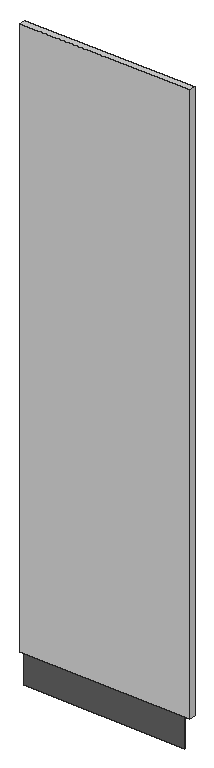
Revit family "Cabinet_Accessories-Danver-Tall_Side_Panel", category Casework, Revit 2026
Family settings
  Work Plane-Based = No
  Always vertical = Yes
  Cut with Voids When Loaded = No
  Shared = No
  Room Calculation Point = No
Parameters (values of type "24 Inch Width - 84 Inch Height")
  Version = "2019 - V1.0B"  # constant formula
  URL = "www.danver.com"
  Toe Kick Visibility [instance] = yes
  Toe Kick Material = Metal - Danver - Toe Kick
  Toe Kick Length = Base Cab Depth - Threshold Offset  # 1' - 10 3/4"
  Threshold Offset = 0' - 1 1/4"
  Support Phone = "(224) 699-9545"  # constant formula
  Support Email = "mailto:support@bimsmith.com"
  Product Page URL = "https://danver.com/cabinetry/specialty-cabinets/"
  Product Documentation Link = "https://danver.com/wp-content/uploads/2021/10/11-2021-Product_Specifications-1.pdf"
  Panel Width = 2' - 0"
  Panel Thickness = 0' - 0 3/4"
  Panel Height = 6' - 7 1/2"
  Model = "OFET 2484"
  Manufacturer Email = "https://danver.com/contact-us/"
  Manufacturer Address = "One Grand Street, Wallingford, CT 06492"  # constant formula
  Manufacturer = "Danver Outdoor Kitchens"  # constant formula
  Panel Material = Metal - Danver - Stainless Steel
  Keynote = "12 35 28"
  Handle Material = Metal - Danver - Chrome Plated Steel
  Door Style = Door : Hampton
  Door Material [instance] = Metal - Danver - Stainless Steel
  Description = "24\"x84\" Tall Side Panel"
  Default Elevation = 0' - 0"
  Copyright = "©2021 Danver Outdoor Kitchens"  # constant formula
  Construction Type = "Type 304 Stainless Steel"  # constant formula
  Base Cab Depth = 2' - 0"
Types (6): name | Panel Width | Panel Height | Model | Description
  24.88 Inch Width - 84 Inch Height | 2' - 0.88" | 6' - 7 1/2" | "OSPT 2484" | "24.88\"x84\" Tall Side Panel"
  24 Inch Width - 84 Inch Height | 2' - 0" | 6' - 7 1/2" | "OFET 2484" | "24\"x84\" Tall Side Panel"
  24.88 Inch Width - 90 Inch Height | 2' - 0.88" | 7' - 1 1/2" | "OSPT 2490" | "24.88\"x90\" Tall Side Panel"
  24 Inch Width - 90 Inch Height | 2' - 0" | 7' - 1 1/2" | "OFET 2490" | "24\"x90\" Tall Side Panel"
  24.88 Inch Width - 96 Inch Height | 2' - 0.88" | 7' - 7 1/2" | "OSPT 2496" | "24.88\"x96\" Tall Side Panel"
  24 Inch Width - 96 Inch Height | 2' - 0" | 7' - 7 1/2" | "OFET 2496" | "24\"x96\" Tall Side Panel"
Reference planes (in)
  plane 1 "Center (Front/Back)": y = 0
  plane 2: z = 0
  plane 3 "Center (Left/Right)": x = 0
  plane 4: x = 24
  plane 5: y = -0.75
  plane 6: z = 4.5
  plane 7: z = 84
  plane 8: x = 24
  plane 9: x = 22.75
Dimensions and locks (in)
  "Panel Thickness": plane 5 to plane 1 "Center (Front/Back)"
  "Panel Height": plane 7 to plane 6
  "Panel Width": plane 3 "Center (Left/Right)" to plane 4
  "Base Cab Depth": plane 3 "Center (Left/Right)" to plane 8
  "Threshold Offset": plane 9 to plane 8
  "Toe Kick Length": plane 3 "Center (Left/Right)" to plane 9
  locked: plane 6 to level at 4.5
  aligned and locked: plane 2 to level
  aligned and locked: plane 3 "Center (Left/Right)" to nested 1
  aligned and locked: nested 1 to plane 1 "Center (Front/Back)"
  aligned and locked: nested 1 to plane 2
  aligned and locked: nested 2 to plane 3 "Center (Left/Right)"
  aligned and locked: plane 4 to nested 2
  aligned and locked: plane 5 to nested 2
  aligned and locked: plane 6 to nested 2
  aligned and locked: plane 7 to nested 2
Nested families (in)
  nested 1: "Toe Kick Left" at (0, -0.125, 0) x (0, 1, 0) z (0, 0, 1), Toe Kick Length <- "Toe Kick Length", Toe Kick Material <- "Toe Kick Material", visible <- "Toe Kick Visibility", type "Toe Kick Left"
    with Toe Kick Material Metal - Danver - Toe Kick, Toe Kick Length 1' - 10 3/4"
  nested 2: "Door" at (12, 0.125, -16.44932), Door Material <- "Door Material", Door Panel Material <- "Panel Material", Handle Material <- "Handle Material", type <- "Door Style", type "Hampton"
    with Number of Louver Slats 40, Number of Beadboard Slats 13, Insert Panel Width 1' - 6 5/8", Insert Panel Height 6' - 2 1/8", Handle Material Metal - Danver - Chrome Plated Steel, Door Width 2' - 0", Door Panel Material Metal - Danver - Stainless Steel, Door Material Metal - Danver - Stainless Steel, Door Height 6' - 7 1/2"
Definition of nested family "Toe Kick Left"
  Parameters (values of type "Toe Kick Left")
    Toe Kick Material [instance] = none
    Toe Kick Length [instance] = 1' - 3.37294"
    Default Elevation = 0' - 0"
  Reference planes (in)
    plane 1 "Center (Front/Back)": y = 0
    plane 2: z = 0
    plane 3 "Center (Left/Right)": x = 0
    plane 4: y = -15.37294
  Forms (in)
    Extrusion 1, solid, material <- "Toe Kick Material"
      sketch origin (0, 0, 0) x (1, 0, 0) y (0, 0, 1)
        loop
          line (0, 0) -> (0.125, 0) -> (0.125, 4.5) -> (0, 4.5) -> (0, 0)
      from 0 to 15.37294
  Dimensions and locks (in)
    locked: Extrusion 1 sketch curve to level at 4.5
    locked: Extrusion 1 sketch curve to plane 3 "Center (Left/Right)" at 0.125
    "Toe Kick Length": plane 1 "Center (Front/Back)" to plane 4
    Extrusion 1 to level = 0' - 4 1/2"
    aligned and locked: plane 2 to level
    aligned and locked: Extrusion 1 to plane 1 "Center (Front/Back)"
    aligned and locked: plane 4 to Extrusion 1
  Automatic sketch dimensions
    Extrusion 1 sketch curve to plane 3 "Center (Left/Right)" = 0' - 0"
    Extrusion 1 sketch curve to level = 0' - 0"
Definition of nested family "Door"
  Parameters (values of type "Hampton")
    V_Venice = no
    V_Techno = no
    V_Rio = no
    V_Palm Beach = no
    V_PB-KW = if(or(V_Palm Beach, V_Keywest, V_Beadboard Insert, V_Louver Insert), 1 = 1, 1 = 0)  # no
    V_Louver Insert = no
    V_Keywest = no
    V_Handle = not(V_Techno)  # yes
    V_Hampton = yes
    V_Beadboard Insert = no
    Stile Width = if(V_Palm Beach, 0' 3 3/4", if(V_Rio, 0' 2 1/2", if(V_Venice, 0' 0 3/4", 0' 2 11/16")))  # 0' - 2 11/16"
    Door Panel Material [instance] = none
    Number of Louver Slats [instance] = roundup((Insert Panel Height) / 0' 1 225/256")  # 17
    Number of Beadboard Slats [instance] = roundup((Insert Panel Width) / 0' 1 1/2")  # 13
    Model = if(V_Beadboard Insert, "Keywest Beadboard", if(V_Louver Insert, "Keywest Louver", if(V_Hampton, "Hampton", if(V_Venice, "Venice", if(V_Techno, "Techno", if(V_Rio, "Rio", if(Door Panel Inset = 0' 0 1/2", "Keywest", "Yikes")))))))  # "Hampton"
    Insert Panel Width [instance] = Door Width - 0' 5 3/8"  # 1' - 6 5/8"
    Insert Panel Height [instance] = Door Height - 0' 5 3/8"  # 2' - 6 5/8"
    Handle Offset = if(V_Hampton, 0' 2 3/16", if(V_Venice, 0' 2", 0' 1 11/32"))  # 0' - 2 3/16"
    Handle Material [instance] = none
    Handle Drop = if(V_Hampton, 0' 1 11/32", if(V_Venice, 0' 2 47/64", 0' 2 49/64"))  # 0' - 1 11/32"
    Door Width [instance] = 2' - 0"
    Door Thickness = if(V_Venice, 0' 0 15/16", 0' 0 7/8")  # 0' - 0 7/8"
    Door Panel Inset = if(or(V_Louver Insert, V_Beadboard Insert), 0' 0 5/8", if(V_Venice, 0' 0 1/16", 0' 0 1/2"))  # 0' - 0 1/2"
    Door Material [instance] = none
    Door Height [instance] = 3' - 0"
    Analytic Construction = "<None>"
  Types (8): name | V_Venice | V_Techno | V_Rio | V_Palm Beach | V_PB-KW | V_Louver Insert | V_Keywest | V_Handle | V_Hampton | V_Beadboard Insert | Stile Width | Model | Handle Offset | Handle Drop | Door Thickness | Door Panel Inset
    Hampton | no | no | no | no | no | no | no | yes | yes | no | 0' - 2 11/16" | "Hampton" | 0' - 2 3/16" | 0' - 1 11/32" | 0' - 0 7/8" | 0' - 0 1/2"
    Keywest | no | no | no | no | yes | no | yes | yes | no | no | 0' - 2 11/16" | "Keywest" | 0' - 1 11/32" | 0' - 2 49/64" | 0' - 0 7/8" | 0' - 0 1/2"
    Keywest Beadboard | no | no | no | no | yes | no | yes | yes | no | yes | 0' - 2 11/16" | "Keywest Beadboard" | 0' - 1 11/32" | 0' - 2 49/64" | 0' - 0 7/8" | 0' - 0 5/8"
    Keywest Louver | no | no | no | no | yes | yes | yes | yes | no | no | 0' - 2 11/16" | "Keywest Louver" | 0' - 1 11/32" | 0' - 2 49/64" | 0' - 0 7/8" | 0' - 0 5/8"
    Palm Beach | no | no | no | yes | yes | no | no | yes | no | no | 0' - 3 3/4" | "Keywest" | 0' - 1 11/32" | 0' - 2 49/64" | 0' - 0 7/8" | 0' - 0 1/2"
    Rio | no | no | yes | no | no | no | no | yes | no | no | 0' - 2 1/2" | "Rio" | 0' - 1 11/32" | 0' - 2 49/64" | 0' - 0 7/8" | 0' - 0 1/2"
    Venice | yes | no | no | no | no | no | no | yes | no | no | 0' - 0 3/4" | "Venice" | 0' - 2" | 0' - 2 47/64" | 0' - 0 15/16" | 0' - 0 1/16"
    Techno | no | yes | no | no | no | no | no | no | no | no | 0' - 2 11/16" | "Techno" | 0' - 1 11/32" | 0' - 2 49/64" | 0' - 0 7/8" | 0' - 0 1/2"
  Reference planes (in)
    plane 1 "Center (Front/Back)": y = 0
    plane 2: z = 0
    plane 3 "Center (Left/Right)": x = 0
    plane 4: x = 12
    plane 5: x = -12
    plane 6: y = -0.875
    plane 7: z = 20.94932
    plane 8: z = 56.94932
    plane 9: z = 55.60557
    plane 10: x = 9.8125
    plane 11: x = -9.3125
    plane 12: z = 54.26182
    plane 13: z = 23.63682
    plane 14: x = 9.3125
    plane 15: y = -0.375
  Forms (in)
    Extrusion 1, solid, material <- "Door Panel Material", visible <- "V_PB-KW"
      sketch origin (0, 0, 0) x (1, 0, 0) y (0, 0, 1)
        loop
          line (-9.3125, 54.26182) -> (-9.3125, 23.63682) -> (9.3125, 23.63682) -> (9.3125, 54.26182) -> (-9.3125, 54.26182)
      from 0 to 0.375
    Sweep 2, solid, material <- "Door Material", visible <- "V_PB-KW"
      path origin (0, 0, 0) x (1, 0, 0) y (0, 0, 1)
        loop
          line (-12, 20.94932) -> (-12, 56.94932)
      profile origin (-12, 0, 38.94932) x (-1, 0, 0) y (0, -1, 0)
        loop
          line (0, 0) -> (0, 0.83984)
          arc (0, 0.83984) -> (-0.0103, 0.8647) -> (-0.03516, 0.875) r 0.03516
          line (-0.03516, 0.875) -> (-2.65234, 0.875)
          arc (-2.65234, 0.875) -> (-2.6772, 0.8647) -> (-2.6875, 0.83984) r 0.03516
          line (-2.6875, 0.83984) -> (-2.6875, 0) -> (0, 0)
        loop
          line (-24, 0) -> (-21.3125, 0) -> (-21.3125, 0.83984)
          arc (-21.3125, 0.83984) -> (-21.3228, 0.8647) -> (-21.34766, 0.875) r 0.03516
          line (-21.34766, 0.875) -> (-23.96484, 0.875)
          arc (-23.96484, 0.875) -> (-23.9897, 0.8647) -> (-24, 0.83984) r 0.03516
          line (-24, 0.83984) -> (-24, 0)
    Sweep 3, solid, material <- "Door Material", visible <- "V_PB-KW"
      path origin (0, 0, 0) x (1, 0, 0) y (0, 0, 1)
        loop
          line (-9.3125, 56.94932) -> (9.3125, 56.94932)
      profile origin (0, 0, 56.94932) x (0, 0, 1) y (0, -1, 0)
        loop
          line (0, 0) -> (0, 0.83984)
          arc (0, 0.83984) -> (-0.0103, 0.8647) -> (-0.03516, 0.875) r 0.03516
          line (-0.03516, 0.875) -> (-2.65234, 0.875)
          arc (-2.65234, 0.875) -> (-2.6772, 0.8647) -> (-2.6875, 0.83984) r 0.03516
          line (-2.6875, 0.83984) -> (-2.6875, 0) -> (0, 0)
        loop
          line (-36, 0) -> (-33.3125, 0) -> (-33.3125, 0.83984)
          arc (-33.3125, 0.83984) -> (-33.3228, 0.8647) -> (-33.34766, 0.875) r 0.03516
          line (-33.34766, 0.875) -> (-35.96484, 0.875)
          arc (-35.96484, 0.875) -> (-35.9897, 0.8647) -> (-36, 0.83984) r 0.03516
          line (-36, 0.83984) -> (-36, 0)
    Extrusion 4, solid, material <- "Door Material", visible <- "V_Techno"
      sketch origin (45.83357, 0, 12) x (0, 1, 0) y (0, 0, 1)
        loop
          line (-0.875, 44.94932) -> (-0.875, 44.57432) -> (-0.8125, 44.57432) -> (-0.8125, 44.88682) -> (-0.0625, 44.88682) -> (-0.0625, 43.82432) -> (-0.875, 43.82432) -> (-0.875, 8.94932) -> (0, 8.94932) -> (0, 44.94932) -> (-0.875, 44.94932)
      from -57.83357 to -33.83357
    Extrusion 5, solid, material <- "Door Material", visible <- "V_Rio"
      sketch origin (35.68973, 0, 0) x (1, 0, 0) y (0, 0, 1)
        loop
          line (-47.68973, 20.94932) -> (-23.68973, 20.94932) -> (-23.68973, 56.94932) -> (-47.68973, 56.94932) -> (-47.68973, 20.94932)
        loop
          line (-45.00223, 54.26182) -> (-45.00223, 23.63682) -> (-26.37723, 23.63682) -> (-26.37723, 54.26182) -> (-45.00223, 54.26182)
      from 0 to 0.875 <- "Door Thickness"
    Extrusion 6, solid, material <- "Door Panel Material", visible <- "V_Rio"
      sketch origin (0, 0, 0) x (1, 0, 0) y (0, 0, 1)
        loop
          line (-9.3125, 54.26182) -> (-9.3125, 23.63682) -> (9.3125, 23.63682) -> (9.3125, 54.26182) -> (-9.3125, 54.26182)
      from 0 to 0.5 <- "Door Panel Inset"
    Extrusion 7, solid, material <- "Door Material", visible <- "V_Hampton"
      sketch origin (-9.3125, -180, 96) x (0, 0, 1) y (0, -1, 0)
        loop
          line (-39.05068, -180) -> (-39.05068, -179.125) -> (-75.05068, -179.125) -> (-75.05068, -180) -> (-39.05068, -180)
      from -2.6875 to 21.3125
    Extrusion 8, solid, material <- "Door Material", visible <- "V_Venice"
      sketch origin (0, 0, 0) x (1, 0, 0) y (0, 0, 1)
        loop
          line (-12, 56.94932) -> (-12, 20.94932) -> (12, 20.94932) -> (12, 56.94932) -> (-12, 56.94932)
        loop
          line (-9.3125, 54.26182) -> (-9.3125, 23.63682) -> (9.3125, 23.63682) -> (9.3125, 54.26182) -> (-9.3125, 54.26182)
      from 0 to 0.875
    Extrusion 9, solid, material <- "Door Panel Material", visible <- "V_Venice"
      sketch origin (-9.3125, -180, 96) x (0, 0, 1) y (0, -1, 0)
        loop
          line (-41.58459, -180) -> (-41.58459, -179.625) -> (-72.36318, -179.625) -> (-72.36318, -180) -> (-41.58459, -180)
      from 0 to 18.625
  Lines and regions (in)
    symbolic lines, detail levels medium+fine
      curve 1: line (12, 0, 56.94932) -> (-12, 0, 38.94932)
      curve 2: line (-12, 0, 38.94932) -> (12, 0, 20.94932)
  Dimensions and locks (in)
    "Door Thickness": plane 6 to plane 1 "Center (Front/Back)"
    "Door Width": plane 5 to plane 4
    equal spacing: plane 5, plane 3 "Center (Left/Right)", plane 4
    "Door Height": plane 8 to plane 7
    "Handle Drop": plane 8 to plane 9
    "Handle Offset": plane 4 to plane 10
    equal spacing: plane 8, curve 2, plane 7
    "Door Panel Inset": plane 15 to plane 6
    "Stile Width": plane 13 to plane 7
    "Stile Width": plane 8 to plane 12
    "Stile Width": plane 5 to plane 11
    "Stile Width": plane 4 to plane 14
    plane 14 to plane 11 = 1' - 6 5/8"
    equal spacing: group 1, group 2, group 3, group 4, group 5, group 6, group 7, group 8, group 9, group 10, group 11, group 12, group 13  (x2)
    equal spacing: group 13, group 12, group 11, group 10, group 9, group 8, group 7, group 6, group 5, group 4, group 3, group 2, group 1
    plane 15 to plane 6 = 0' - 0 1/2"
    equal spacing: group 14, group 15, group 16, group 17, group 18, group 19, group 20, group 21, group 22, group 23, group 24, group 25, group 26, group 27, group 28, group 29, group 30  (x2)
    equal spacing: group 30, group 29, group 28, group 27, group 26, group 25, group 24, group 23, group 22, group 21, group 20, group 19, group 18, group 17, group 16, group 15, group 14
    plane 8 to Extrusion 4 sketch curve to Extrusion 4 sketch curve = 0' - 0 1/16" locked, 0' - 1 1/16" locked
    locked: plane 1 "Center (Front/Back)" to Extrusion 4 sketch curve at 0.0625
    locked: Extrusion 4 sketch curve to plane 6 at 0.0625
    aligned and locked: plane 2 to level
    aligned and locked: plane 11 to Extrusion 1 sketch curve
    aligned and locked: Extrusion 1 sketch curve to plane 12
    aligned and locked: Extrusion 1 sketch curve to plane 14
    aligned and locked: plane 13 to Extrusion 1 sketch curve
    aligned and locked: Extrusion 1 to plane 1 "Center (Front/Back)"
    aligned and locked: Extrusion 1 to plane 15
    aligned and locked: plane 8 to Sweep 2
    aligned and locked: plane 7 to Sweep 2
    aligned and locked: plane 11 to Sweep 3 sketch curve
    aligned and locked: plane 14 to Sweep 3 sketch curve
    aligned and locked: Extrusion 1 to plane 13
    aligned and locked: plane 15 to nested 1
    aligned and locked: nested 1 to plane 13
    aligned and locked: plane 11 to nested 1
    aligned and locked: nested 2 to nested 1
    aligned and locked: plane 15 to nested 2
    aligned and locked: nested 14 to plane 15
    aligned and locked: nested 14 to plane 12
    aligned and locked: nested 15 to plane 15
    aligned and locked: nested 15 to nested 14
    aligned and locked: plane 11 to nested 14
    aligned and locked: plane 11 to nested 15
    aligned and locked: profile plane to Sweep 2 sketch curve  (x2)
    aligned and locked: Sweep 2 sketch curve to plane 11
    aligned and locked: plane 6 to Sweep 2 sketch curve
    aligned and locked: plane 8 to Sweep 2 sketch curve
    aligned and locked: Sweep 2 sketch curve to plane 5
    aligned and locked: plane 7 to Sweep 2 sketch curve
    aligned and locked: plane 4 to Sweep 2 sketch curve
    aligned and locked: Sweep 2 sketch curve to plane 14
    aligned and locked: Sweep 2 sketch curve to plane 1 "Center (Front/Back)"
    aligned and locked: Sweep 2 sketch curve to plane 6
    aligned and locked: Sweep 3 sketch curve to plane 8
    aligned and locked: plane 1 "Center (Front/Back)" to Sweep 3 sketch curve
    aligned and locked: plane 6 to Sweep 3 sketch curve
    aligned and locked: plane 12 to Sweep 3 sketch curve
    aligned and locked: Sweep 3 sketch curve to plane 7
    aligned and locked: plane 13 to Sweep 3 sketch curve
    aligned and locked: Sweep 3 sketch curve to plane 1 "Center (Front/Back)"
    aligned and locked: Sweep 3 sketch curve to plane 6
    aligned and locked: plane 8 to Extrusion 4 sketch curve
    aligned and locked: plane 6 to Extrusion 4 sketch curve
    aligned and locked: plane 1 "Center (Front/Back)" to Extrusion 4 sketch curve
    aligned and locked: plane 7 to Extrusion 4 sketch curve
    aligned and locked: plane 5 to Extrusion 4
    aligned and locked: plane 4 to Extrusion 4
    aligned and locked: plane 5 to Extrusion 5 sketch curve
    aligned and locked: plane 11 to Extrusion 5 sketch curve
    aligned and locked: Extrusion 5 sketch curve to plane 14
    aligned and locked: plane 4 to Extrusion 5 sketch curve
    aligned and locked: plane 8 to Extrusion 5 sketch curve
    aligned and locked: Extrusion 5 sketch curve to plane 12
    aligned and locked: Extrusion 5 sketch curve to plane 7
    aligned and locked: plane 13 to Extrusion 5 sketch curve
    aligned and locked: Extrusion 5 to plane 1 "Center (Front/Back)"
    aligned and locked: plane 11 to Extrusion 6 sketch curve
    aligned and locked: Extrusion 6 sketch curve to plane 12
    aligned and locked: Extrusion 6 sketch curve to plane 14
    aligned and locked: plane 13 to Extrusion 6 sketch curve
    aligned and locked: Extrusion 6 to plane 1 "Center (Front/Back)"
    aligned and locked: Extrusion 7 sketch curve to plane 8
    aligned and locked: plane 1 "Center (Front/Back)" to Extrusion 7 sketch curve
    aligned and locked: plane 6 to Extrusion 7 sketch curve
    aligned and locked: plane 7 to Extrusion 7 sketch curve
    aligned and locked: plane 4 to Extrusion 7
    aligned and locked: plane 5 to Extrusion 7
    aligned and locked: Extrusion 8 sketch curve to plane 8
    aligned and locked: Extrusion 8 sketch curve to plane 5
    aligned and locked: plane 11 to Extrusion 8 sketch curve
    aligned and locked: Extrusion 8 sketch curve to plane 12
    aligned and locked: Extrusion 8 sketch curve to plane 4
    aligned and locked: Extrusion 8 sketch curve to plane 14
    aligned and locked: plane 7 to Extrusion 8 sketch curve
    aligned and locked: plane 13 to Extrusion 8 sketch curve
    aligned and locked: Extrusion 8 to plane 1 "Center (Front/Back)"
    aligned and locked: Extrusion 8 to plane 6
    aligned and locked: plane 13 to Extrusion 9 sketch curve
    aligned and locked: plane 15 to Extrusion 9 sketch curve
    aligned and locked: plane 1 "Center (Front/Back)" to Extrusion 9 sketch curve
    aligned and locked: plane 14 to Extrusion 9
    aligned and locked: Extrusion 9 to plane 11
  Automatic sketch dimensions
    Sweep 3 sketch curve to plane 8 = 0' - 0"
    Extrusion 4 sketch curve to plane 6 = 0' - 0"
    Extrusion 4 sketch curve to Extrusion 4 sketch curve = 0' - 0 5/16"
    plane 5 to curve 1 = 0' - 0"
    curve 2 to plane 4 = 0' - 0"
    curve 1 to plane 4 = 0' - 0"
    curve 2 to plane 7 = 0' - 0"
    curve 1 to plane 8 = 0' - 0"
    Sweep 2 sketch curve to Sweep 2 sketch curve = 0' - 0 9/256"  (x3)
    profile plane to Sweep 2 sketch curve = 0' - 0 9/256"
    Sweep 3 sketch curve to Sweep 3 sketch curve = 0' - 0 9/256"  (x3)
    profile plane to Sweep 3 sketch curve = 0' - 0 9/256"
    plane 12 to Extrusion 9 sketch curve = 0' - 0.15359"
  Nested families (in)
    nested 1: "Beadboard Slat" at (-8.5625, -0.625, 23.63682), BeadboardSlat Height <- "Insert Panel Height", Beadboard Material <- "Door Panel Material", visible <- "V_Beadboard Insert", type "Beadboard Slat"
      with Slat Width 0' - 1 1/2", BeadboardSlat Width 0' - 1 1/2", BeadboardSlat Height 2' - 6 5/8", Beadboard Material none
    nested 2: "Beadboard Slat" at (-7.0625, -0.625, 23.63682), BeadboardSlat Height <- "Insert Panel Height", Beadboard Material <- "Door Panel Material", visible <- "V_Beadboard Insert", type "Beadboard Slat"
      with Slat Width 0' - 1 1/2", BeadboardSlat Width 0' - 1 1/2", BeadboardSlat Height 2' - 6 5/8", Beadboard Material none
    nested 3: "Beadboard Slat" at (-5.5625, -0.625, 23.63682), BeadboardSlat Height <- "Insert Panel Height", Beadboard Material <- "Door Panel Material", visible <- "V_Beadboard Insert", type "Beadboard Slat"
      with Slat Width 0' - 1 1/2", BeadboardSlat Width 0' - 1 1/2", BeadboardSlat Height 2' - 6 5/8", Beadboard Material none
    nested 4: "Beadboard Slat" at (-4.0625, -0.625, 23.63682), BeadboardSlat Height <- "Insert Panel Height", Beadboard Material <- "Door Panel Material", visible <- "V_Beadboard Insert", type "Beadboard Slat"
      with Slat Width 0' - 1 1/2", BeadboardSlat Width 0' - 1 1/2", BeadboardSlat Height 2' - 6 5/8", Beadboard Material none
    nested 5: "Beadboard Slat" at (-2.5625, -0.625, 23.63682), BeadboardSlat Height <- "Insert Panel Height", Beadboard Material <- "Door Panel Material", visible <- "V_Beadboard Insert", type "Beadboard Slat"
      with Slat Width 0' - 1 1/2", BeadboardSlat Width 0' - 1 1/2", BeadboardSlat Height 2' - 6 5/8", Beadboard Material none
    nested 6: "Beadboard Slat" at (-1.0625, -0.625, 23.63682), BeadboardSlat Height <- "Insert Panel Height", Beadboard Material <- "Door Panel Material", visible <- "V_Beadboard Insert", type "Beadboard Slat"
      with Slat Width 0' - 1 1/2", BeadboardSlat Width 0' - 1 1/2", BeadboardSlat Height 2' - 6 5/8", Beadboard Material none
    nested 7: "Beadboard Slat" at (0.4375, -0.625, 23.63682), BeadboardSlat Height <- "Insert Panel Height", Beadboard Material <- "Door Panel Material", visible <- "V_Beadboard Insert", type "Beadboard Slat"
      with Slat Width 0' - 1 1/2", BeadboardSlat Width 0' - 1 1/2", BeadboardSlat Height 2' - 6 5/8", Beadboard Material none
    nested 8: "Beadboard Slat" at (1.9375, -0.625, 23.63682), BeadboardSlat Height <- "Insert Panel Height", Beadboard Material <- "Door Panel Material", visible <- "V_Beadboard Insert", type "Beadboard Slat"
      with Slat Width 0' - 1 1/2", BeadboardSlat Width 0' - 1 1/2", BeadboardSlat Height 2' - 6 5/8", Beadboard Material none
    nested 9: "Beadboard Slat" at (3.4375, -0.625, 23.63682), BeadboardSlat Height <- "Insert Panel Height", Beadboard Material <- "Door Panel Material", visible <- "V_Beadboard Insert", type "Beadboard Slat"
      with Slat Width 0' - 1 1/2", BeadboardSlat Width 0' - 1 1/2", BeadboardSlat Height 2' - 6 5/8", Beadboard Material none
    nested 10: "Beadboard Slat" at (4.9375, -0.625, 23.63682), BeadboardSlat Height <- "Insert Panel Height", Beadboard Material <- "Door Panel Material", visible <- "V_Beadboard Insert", type "Beadboard Slat"
      with Slat Width 0' - 1 1/2", BeadboardSlat Width 0' - 1 1/2", BeadboardSlat Height 2' - 6 5/8", Beadboard Material none
    nested 11: "Beadboard Slat" at (6.4375, -0.625, 23.63682), BeadboardSlat Height <- "Insert Panel Height", Beadboard Material <- "Door Panel Material", visible <- "V_Beadboard Insert", type "Beadboard Slat"
      with Slat Width 0' - 1 1/2", BeadboardSlat Width 0' - 1 1/2", BeadboardSlat Height 2' - 6 5/8", Beadboard Material none
    nested 12: "Beadboard Slat" at (7.9375, -0.625, 23.63682), BeadboardSlat Height <- "Insert Panel Height", Beadboard Material <- "Door Panel Material", visible <- "V_Beadboard Insert", type "Beadboard Slat"
      with Slat Width 0' - 1 1/2", BeadboardSlat Width 0' - 1 1/2", BeadboardSlat Height 2' - 6 5/8", Beadboard Material none
    nested 13: "Beadboard Slat" at (9.4375, -0.625, 23.63682), BeadboardSlat Height <- "Insert Panel Height", Beadboard Material <- "Door Panel Material", visible <- "V_Beadboard Insert", type "Beadboard Slat"
      with Slat Width 0' - 1 1/2", BeadboardSlat Width 0' - 1 1/2", BeadboardSlat Height 2' - 6 5/8", Beadboard Material none
    nested 14: "Louver Slat" at (-9.3125, -0.625, 53.32237) x (0, 0, 1) z (1, 0, 0), LouverSlat Height <- "Insert Panel Width", visible <- "V_Louver Insert", Louver Material <- "Door Material", type "Louver Slat"
      with LouverSlat Width 0' - 1 225/256", LouverSlat Height 1' - 6 5/8", Louver Material none
    nested 15: "Louver Slat" at (-9.3125, -0.625, 51.44346) x (0, 0, 1) z (1, 0, 0), LouverSlat Height <- "Insert Panel Width", visible <- "V_Louver Insert", Louver Material <- "Door Material", type "Louver Slat"
      with LouverSlat Width 0' - 1 225/256", LouverSlat Height 1' - 6 5/8", Louver Material none
    nested 16: "Louver Slat" at (-9.3125, -0.625, 49.56455) x (0, 0, 1) z (1, 0, 0), LouverSlat Height <- "Insert Panel Width", visible <- "V_Louver Insert", Louver Material <- "Door Material", type "Louver Slat"
      with LouverSlat Width 0' - 1 225/256", LouverSlat Height 1' - 6 5/8", Louver Material none
    nested 17: "Louver Slat" at (-9.3125, -0.625, 47.68565) x (0, 0, 1) z (1, 0, 0), LouverSlat Height <- "Insert Panel Width", visible <- "V_Louver Insert", Louver Material <- "Door Material", type "Louver Slat"
      with LouverSlat Width 0' - 1 225/256", LouverSlat Height 1' - 6 5/8", Louver Material none
    nested 18: "Louver Slat" at (-9.3125, -0.625, 45.80674) x (0, 0, 1) z (1, 0, 0), LouverSlat Height <- "Insert Panel Width", visible <- "V_Louver Insert", Louver Material <- "Door Material", type "Louver Slat"
      with LouverSlat Width 0' - 1 225/256", LouverSlat Height 1' - 6 5/8", Louver Material none
    nested 19: "Louver Slat" at (-9.3125, -0.625, 43.92783) x (0, 0, 1) z (1, 0, 0), LouverSlat Height <- "Insert Panel Width", visible <- "V_Louver Insert", Louver Material <- "Door Material", type "Louver Slat"
      with LouverSlat Width 0' - 1 225/256", LouverSlat Height 1' - 6 5/8", Louver Material none
    nested 20: "Louver Slat" at (-9.3125, -0.625, 42.04893) x (0, 0, 1) z (1, 0, 0), LouverSlat Height <- "Insert Panel Width", visible <- "V_Louver Insert", Louver Material <- "Door Material", type "Louver Slat"
      with LouverSlat Width 0' - 1 225/256", LouverSlat Height 1' - 6 5/8", Louver Material none
    nested 21: "Louver Slat" at (-9.3125, -0.625, 40.17002) x (0, 0, 1) z (1, 0, 0), LouverSlat Height <- "Insert Panel Width", visible <- "V_Louver Insert", Louver Material <- "Door Material", type "Louver Slat"
      with LouverSlat Width 0' - 1 225/256", LouverSlat Height 1' - 6 5/8", Louver Material none
    nested 22: "Louver Slat" at (-9.3125, -0.625, 38.29112) x (0, 0, 1) z (1, 0, 0), LouverSlat Height <- "Insert Panel Width", visible <- "V_Louver Insert", Louver Material <- "Door Material", type "Louver Slat"
      with LouverSlat Width 0' - 1 225/256", LouverSlat Height 1' - 6 5/8", Louver Material none
    nested 23: "Louver Slat" at (-9.3125, -0.625, 36.41221) x (0, 0, 1) z (1, 0, 0), LouverSlat Height <- "Insert Panel Width", visible <- "V_Louver Insert", Louver Material <- "Door Material", type "Louver Slat"
      with LouverSlat Width 0' - 1 225/256", LouverSlat Height 1' - 6 5/8", Louver Material none
    nested 24: "Louver Slat" at (-9.3125, -0.625, 34.5333) x (0, 0, 1) z (1, 0, 0), LouverSlat Height <- "Insert Panel Width", visible <- "V_Louver Insert", Louver Material <- "Door Material", type "Louver Slat"
      with LouverSlat Width 0' - 1 225/256", LouverSlat Height 1' - 6 5/8", Louver Material none
    nested 25: "Louver Slat" at (-9.3125, -0.625, 32.6544) x (0, 0, 1) z (1, 0, 0), LouverSlat Height <- "Insert Panel Width", visible <- "V_Louver Insert", Louver Material <- "Door Material", type "Louver Slat"
      with LouverSlat Width 0' - 1 225/256", LouverSlat Height 1' - 6 5/8", Louver Material none
    nested 26: "Louver Slat" at (-9.3125, -0.625, 30.77549) x (0, 0, 1) z (1, 0, 0), LouverSlat Height <- "Insert Panel Width", visible <- "V_Louver Insert", Louver Material <- "Door Material", type "Louver Slat"
      with LouverSlat Width 0' - 1 225/256", LouverSlat Height 1' - 6 5/8", Louver Material none
    nested 27: "Louver Slat" at (-9.3125, -0.625, 28.89658) x (0, 0, 1) z (1, 0, 0), LouverSlat Height <- "Insert Panel Width", visible <- "V_Louver Insert", Louver Material <- "Door Material", type "Louver Slat"
      with LouverSlat Width 0' - 1 225/256", LouverSlat Height 1' - 6 5/8", Louver Material none
    nested 28: "Louver Slat" at (-9.3125, -0.625, 27.01768) x (0, 0, 1) z (1, 0, 0), LouverSlat Height <- "Insert Panel Width", visible <- "V_Louver Insert", Louver Material <- "Door Material", type "Louver Slat"
      with LouverSlat Width 0' - 1 225/256", LouverSlat Height 1' - 6 5/8", Louver Material none
    nested 29: "Louver Slat" at (-9.3125, -0.625, 25.13877) x (0, 0, 1) z (1, 0, 0), LouverSlat Height <- "Insert Panel Width", visible <- "V_Louver Insert", Louver Material <- "Door Material", type "Louver Slat"
      with LouverSlat Width 0' - 1 225/256", LouverSlat Height 1' - 6 5/8", Louver Material none
    nested 30: "Louver Slat" at (-9.3125, -0.625, 23.25987) x (0, 0, 1) z (1, 0, 0), LouverSlat Height <- "Insert Panel Width", visible <- "V_Louver Insert", Louver Material <- "Door Material", type "Louver Slat"
      with LouverSlat Width 0' - 1 225/256", LouverSlat Height 1' - 6 5/8", Louver Material none
  Definition of nested family "Beadboard Slat"
    Parameters (values of type "Beadboard Slat")
      Slat Width [instance] = 0' - 1 1/2"  # constant formula
      Default Elevation = 0' - 0"
      BeadboardSlat Width [instance] = 0' - 1 1/2"  # constant formula
      BeadboardSlat Height [instance] = 3' - 0"
      Beadboard Material [instance] = none
    Reference planes (in)
      plane 1 "Center (Front/Back)": y = 0
      plane 2: z = 0
      plane 3 "Center (Left/Right)": x = 0
      plane 4: x = -0.75
      plane 5: x = 0.75
      plane 6: z = 36
      plane 7: y = 0.25
    Forms (in)
      Extrusion 1, solid, material <- "Beadboard Material"
        sketch origin (0, 0, 0) x (1, 0, 0) y (0, 1, 0)
          loop
            line (-0.75, 0.25) -> (-0.75, 0.03125)
            arc (-0.75, 0.03125) -> (-0.74085, 0.00915) -> (-0.71875, 0) r 0.03125
            line (-0.71875, 0) -> (0.71875, 0)
            arc (0.71875, 0) -> (0.74085, 0.00915) -> (0.75, 0.03125) r 0.03125
            line (0.75, 0.03125) -> (0.75, 0.25) -> (-0.75, 0.25)
        from 0 to 36
    Dimensions and locks (in)
      equal spacing: plane 5, plane 3 "Center (Left/Right)", plane 4
      "BeadboardSlat Width": plane 5 to plane 4
      "BeadboardSlat Height": plane 6 to plane 2
      plane 1 "Center (Front/Back)" to plane 7 = 0' - 0 1/4"
      locked: plane 7 to plane 1 "Center (Front/Back)" at 0.25
      aligned and locked: plane 2 to level
      aligned and locked: plane 4 to Extrusion 1 sketch curve
      aligned and locked: Extrusion 1 sketch curve to plane 1 "Center (Front/Back)"
      aligned and locked: Extrusion 1 sketch curve to plane 5
      aligned and locked: plane 7 to Extrusion 1
      aligned and locked: Extrusion 1 to plane 4
      aligned and locked: plane 5 to Extrusion 1
      aligned and locked: plane 1 "Center (Front/Back)" to Extrusion 1
      aligned and locked: Extrusion 1 sketch curve to plane 7
      aligned and locked: plane 6 to Extrusion 1
      aligned and locked: Extrusion 1 to plane 2
    Automatic sketch dimensions
      Extrusion 1 sketch curve to plane 1 "Center (Front/Back)" = 0' - 0 1/32"
      Extrusion 1 sketch curve to plane 7 = 0' - 0 7/32"
  Definition of nested family "Louver Slat"
    Parameters (values of type "Louver Slat")
      LouverSlat Width [instance] = 0' - 1 225/256"  # constant formula
      LouverSlat Height [instance] = 3' - 0"
      Louver Material [instance] = none
      Default Elevation = 4' - 0"
    Reference planes (in)
      plane 1 "Center (Front/Back)": y = 0
      plane 2: z = 0
      plane 3 "Center (Left/Right)": x = 0
      plane 4: x = -0.93945
      plane 5: x = 0.93945
      plane 6: z = 36
      plane 7: y = 0.25
    Forms (in)
      Extrusion 1, solid, material <- "Louver Material"
        sketch origin (0, 0, 0) x (1, 0, 0) y (0, 1, 0)
          loop
            line (-0.93945, 0.25) -> (-0.93945, 0.06729)
            arc (-0.93945, 0.06729) -> (-0.91808, 0.02023) -> (-0.86858, 0.00536) r 0.0625
            line (-0.86858, 0.00536) -> (0.93945, 0.25) -> (-0.93945, 0.25)
        from 0 to 36
    Dimensions and locks (in)
      equal spacing: plane 5, plane 3 "Center (Left/Right)", plane 4
      "LouverSlat Width": plane 5 to plane 4
      "LouverSlat Height": plane 6 to plane 2
      plane 1 "Center (Front/Back)" to plane 7 = 0' - 0 1/4"
      locked: plane 7 to plane 1 "Center (Front/Back)" at 0.25
      aligned and locked: plane 2 to level
      aligned and locked: plane 4 to Extrusion 1 sketch curve
      aligned and locked: plane 7 to Extrusion 1
      aligned and locked: Extrusion 1 to plane 4
      aligned and locked: Extrusion 1 sketch curve to plane 7
      aligned and locked: plane 6 to Extrusion 1
      aligned and locked: Extrusion 1 to plane 2
      aligned and locked: Extrusion 1 to plane 6
    Automatic sketch dimensions
      Extrusion 1 sketch curve to plane 5 = 0' - 0"
      plane 4 to Extrusion 1 sketch curve = 0' - 0 1/16"
      Extrusion 1 sketch curve to plane 1 "Center (Front/Back)" = 0' - 0.00536"
      Extrusion 1 sketch curve to Extrusion 1 sketch curve = 0' - 0.00838"
